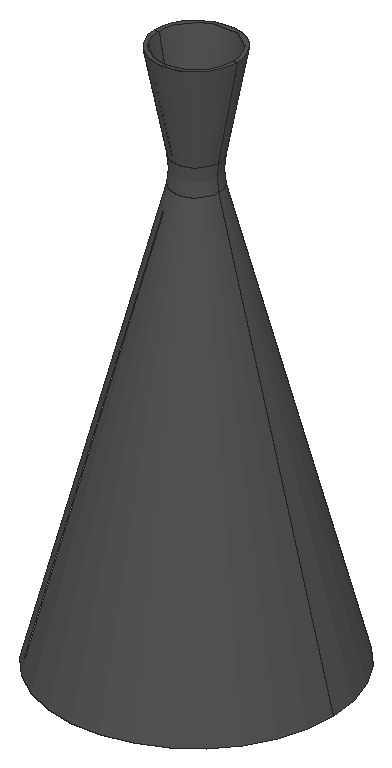
Revit family "PENB SHADE", category Lighting Fixtures, Revit 2024
Family settings
  Round Connector Dimension = Use Diameter
  Part Type = Normal
  OmniClass Number = 23.80.70.00
  OmniClass Title = Lighting
  Work Plane-Based = No
  Always vertical = Yes
  Cut with Voids When Loaded = No
  Light Source = Yes
  Maintain Annotation Orientation = No
  Shared = No
  Room Calculation Point = No
Parameters
  Wattage = 12.1178 W
  built-in parameter 1150110 = 1 (stored number, unit not read)
  built-in parameter 1114217 = 1 (stored number, unit not read)
  built-in parameter 1150109 = 1 (stored number, unit not read)
  built-in parameter 1150134 = (empty or 0)
  built-in parameter 1150113 = 1 (stored number, unit not read)
  Lumens = 1800 lm
  built-in parameter 1150115 = 1 (stored number, unit not read)
  built-in parameter 1150105 = 572.96 (stored number, unit not read)
  Light Source Symbol Size = 2' - 0"
  built-in parameter 1150137 = (empty or 0)
  built-in parameter 1150139 = (empty or 0)
  built-in parameter 1150112 = 1 (stored number, unit not read)
  built-in parameter 1150114 = 1 (stored number, unit not read)
  built-in parameter 1150132 = 2
  built-in parameter 1150102 = (empty or 0)
  built-in parameter 1150138 = (empty or 0)
  built-in parameter 1150107 = 3000 (stored number, unit not read)
  built-in parameter 1150106 = 5.7296 (stored number, unit not read)
  built-in parameter 1150104 = 13.8 (stored number, unit not read)
  Dimming Lamp Color Temperature Shift = (empty or 0)
  Default Elevation = 0' - 0"
  Color Filter = 16777215
  built-in parameter 1114218 = 1 (stored number, unit not read)
  built-in parameter 1150133 = 10 (stored number, unit not read)
Reference planes (in)
  plane 1 "Light Source Axis (F/B)": y = 0
  plane 2: z = 0
  plane 3 "Light Source Axis (L/R)": x = 0
  plane 4 "Light Source Elevation": z = 54
Forms (in)
  Revolve 1, solid
    sketch origin (0, 0, 0) x (1, 0, 0) y (0, 0, 1)
      loop
        arc (-0.57694, 65.56085) -> (-0.54687, 65.22162) -> (-0.58066, 64.88275) r 1.8165
        line (-0.58066, 64.88275) -> (-3.5, 54) -> (-3.40294, 54) -> (-0.48928, 64.86154)
        arc (-0.48928, 64.86154) -> (-0.4679, 64.99427) -> (-0.4559, 65.12818) r 1.91025
        line (-0.4559, 65.12818) -> (-0.24969, 65.12889) -> (-0.24969, 65.22264) -> (-0.45312, 65.22194)
        arc (-0.45312, 65.22194) -> (-0.46061, 65.40085) -> (-0.48482, 65.57827) r 1.91025
        line (-0.48482, 65.57827) -> (-0.9545, 68) -> (-1.05, 68) -> (-0.57694, 65.56085)
      axis (0, 68) -> (0, 54)
    angle from 0 to 360
Dimensions and locks (in)
  aligned and locked: plane 3 "Light Source Axis (L/R)" to imposter light
  aligned and locked: plane 1 "Light Source Axis (F/B)" to imposter light
  aligned and locked: plane 4 "Light Source Elevation" to imposter light
  aligned and locked: level to plane 2
